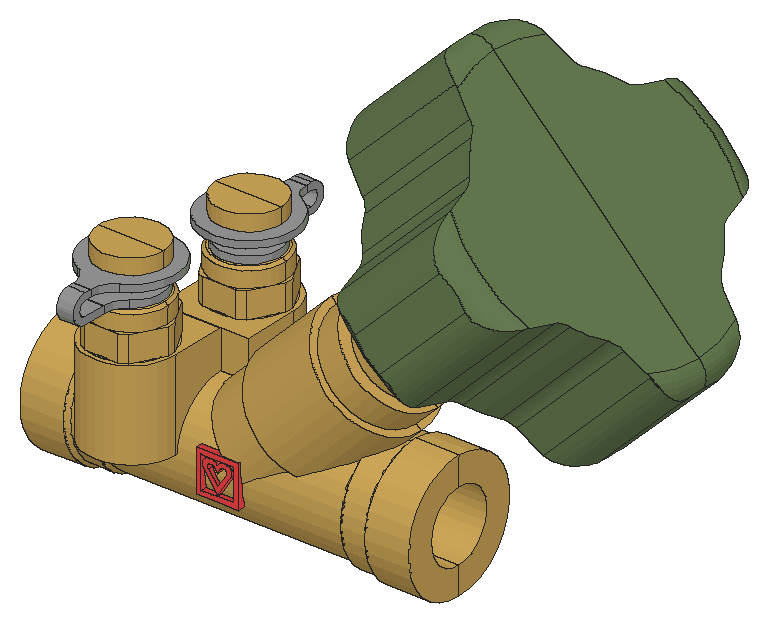
Revit family "HERZ Commissioning Valve With Metering Station For Drinking Water Systems 4017 MW (LF-MF)", category Rohrzubehör, Revit 2021
Family settings
  Bemaßung runder Anschluss = Durchmesser verwenden
  Teiletyp = Unterbricht
  OmniClass-Nummer = 23.65.55.14
  OmniClass-Titel = Valves for Liquid Services
  Arbeitsebenenbasiert = Nein
  Immer vertikal = Ja
  Beim Laden mit Abzugskörper schneiden = Nein
  Gemeinsam genutzt = Nein
Parameters (values of type "LF")
  kvs-value [instance] = if(and(Nennweite = 15.000 mm, LF), 0.46, if(and(Nennweite = 15.000 mm, MF), 0.88, 0))  # 0.46
  kv-value of the orifice [instance] = if(and(Nennweite = 15.000 mm, LF), 0.48, if(and(Nennweite = 15.000 mm, MF), 0.97, 0))  # 0.48
  W01 = 45.00°  # constant formula
  Vorgabe-Ansicht = 0.000 mm
  URL = "www.herzvalves.com"
  SW01 = 60.00°  # constant formula
  SCRNSEQ = "FW;SBT_TYP_FW=\"109\";2"
  SCRNCODE = "04;00;02"  # constant formula
  S03 = 60.000 mm  # constant formula
  S02 [instance] = L04 + L06 + L07  # 76.800 mm
  S01 [instance] = D01 * 2  # 27.000 mm
  R03 = 21.500 mm  # constant formula
  R02 = 9.500 mm  # constant formula
  R01 = 12.000 mm  # constant formula
  O-Rings = "EPDM"  # constant formula
  Note = "Pursuant to Article 33 of the REACH Regulation (EC No. 1907/2006), we are obliged to point out that the material lead is listed on the SVHC list and that all brass components manufactured in our products exceed 0.1% (w / w) lead (CAS: 7439-92-1 / EINECS: 231-100-4).\r\nSince lead is a component part of an alloy, actual exposure is not possible and therefore no additional information on safe use is necessary."
  Model = "According to standard BS 7350 PN20 Series B\r\nAngle seat regulating valve made of copper alloy.\r\nAll metal parts in contact with water are made of dezincification-resistant copper alloy.\r\nThe upper parts are equipped with non-rising stem."
  Medium = "Water"  # constant formula
  MF = no
  LF = yes
  L10 [instance] = 28.500 mm  # constant formula
  L09 [instance] = 22.500 mm  # constant formula
  L08 [instance] = 12.700 mm  # constant formula
  L07 [instance] = 35.100 mm  # constant formula
  L06 [instance] = 6.500 mm  # constant formula
  L05 [instance] = 20.200 mm  # constant formula
  L04 [instance] = 35.200 mm  # constant formula
  L03 [instance] = 1.000 mm  # constant formula
  Hand wheel = "plastic, green"  # constant formula
  H03 [instance] = H01 - 19.000 mm  # 1.000 mm
  H02 = 13.000 mm  # constant formula
  E01 [instance] = L00 / -2  # -41.500 mm
  E00 = 0.000 mm  # constant formula
  D09 [instance] = 11.750 mm  # constant formula
  D08 [instance] = 9.500 mm  # constant formula
  D07 [instance] = 12.000 mm  # constant formula
  D06 [instance] = 13.500 mm  # constant formula
  D05 [instance] = 12.500 mm  # constant formula
  D04 [instance] = Nennweite / 2  # 7.500 mm
  IG [instance] = Nennweite / 2  # 7.500 mm
  D03 [instance] = 11.900 mm  # constant formula
  D02 [instance] = 12.700 mm  # constant formula
  D01 [instance] = 13.500 mm  # constant formula
  Nennweite [instance] = 15.000 mm  # constant formula
  Max. differential pressure on closed seat = 1000000.0 Pa  # constant formula
  Max. operating temperature at 10 bar = 85 °C  # constant formula
  Max. operating pressure at 20°C = 2000000.0 Pa  # constant formula
  L02 [instance] = 5.000 mm  # constant formula
  L01 [instance] = 9.250 mm  # constant formula
  L00 [instance] = 83.000 mm  # constant formula
  Hersteller = "HERZ Armaturen Ges.m.b.H."  # constant formula
  H01 [instance] = 20.000 mm  # constant formula
  GT [instance] = 13.200 mm  # constant formula
  DN15 [instance] = Nennweite = 15.000 mm  # yes
  Body = "DZR brass"  # constant formula
  Bestellnummer [instance] = if(and(Nennweite = 15.000 mm, LF), 2401700, if(and(Nennweite = 15.000 mm, MF), 2401709, 0))  # 2401700
  Application = "For shutting off and regulating drinking water systems in buildings or for hydraulic balancing of supply lines."
Types (3, lengths in mm): name | kvs-value | kv-value of the orifice | MF | LF | Bestellnummer
  (no name) | 0.46 | 0.48 | no | yes | 2401700
  LF | 0.46 | 0.48 | no | yes | 2401700
  MF | 0.88 | 0.97 | yes | no | 2401709
Reference planes
  plane 1 "Mitte (Vorne/hinten)": y = 0
  plane 2: z = 0
  plane 3 "Mitte (Links/rechts)": x = 0
Forms (mm)
  Revolve 1, solid, material "Messing, weicher Gelbton, geschweißt", detail levels fine
    sketch origin (470, 0, 0) x (1, 0, 0) y (0, 0, 1)
      loop
        line (-511.5, 7.5) -> (-498.3, 7.5) -> (-498.3, 0) -> (-441.7, 0) -> (-441.7, 7.5) -> (-428.5, 7.5) -> (-428.5, 13.5) -> (-437.75, 13.5) -> (-438.55, 12.7) -> (-443.55, 12.7) -> (-444.35, 11.9) -> (-495.65, 11.9) -> (-496.45, 12.7) -> (-501.45, 12.7) -> (-502.25, 13.5) -> (-511.5, 13.5) -> (-511.5, 7.5)
      axis (-511.5, 0) -> (-428.5, 0)
    angle from 0 to 360
  Revolve 2, solid, material "Messing, weicher Gelbton, geschweißt", detail levels fine
    sketch origin (0.32, 0, -0.105) x (1, 0, 0) y (0, 0, 1)
      loop
        line (-1.32, 0.105) -> (52.986, 54.411) -> (44.677, 62.719) -> (35.697, 53.739) -> (37.288, 52.148) -> (21.449, 36.309) -> (19.681, 38.076) -> (15.085, 33.48) -> (14.024, 34.541) -> (-0.259, 20.257) -> (0.448, 19.55) -> (-7.098, 12.005) -> (-6.623, 5.408) -> (-1.32, 0.105)
      axis (-1.32, 0.105) -> (52.986, 54.411)
    angle from 0 to 360
  Extrusion 3, solid, material "Messing, weicher Gelbton, geschweißt", detail levels fine
    sketch origin (0, 0, 0) x (1, 0, 0) y (0, 1, 0)
      loop
        arc (-28.5, -12) -> (-19, -21.5) -> (-9.5, -12) r 9.5
        line (-9.5, -12) -> (-9.5, 0) -> (-28.5, 0) -> (-28.5, -12)
    from 1 <- "H03" to 20 <- "H01"
  Extrusion 4, solid, material "Messing, weicher Gelbton, geschweißt", detail levels fine
    sketch origin (0, 0, 0) x (1, 0, 0) y (0, 1, 0)
      loop
        line (-22.5, 12) -> (-22.5, 0) -> (-3.5, 0) -> (-3.5, 12)
        arc (-3.5, 12) -> (-13, 21.5) -> (-22.5, 12) r 9.5
    from 0 to 20 <- "H01"
Lines and regions (mm)
  model lines, detail levels coarse+medium
    curve 1: line (-41.5, 0, 13.5) -> (-41.5, 0, -13.5)
    curve 2: line (-41.5, 0, -13.5) -> (41.5, 0, 13.5)
    curve 3: line (41.5, 0, 13.5) -> (41.5, 0, -13.5)
    curve 4: line (41.5, 0, -13.5) -> (-41.5, 0, 13.5)
    curve 5: line (0, 0, 0) -> (38.4, 0, 66.511)
    curve 6: line (12.419, 0, 81.511) -> (64.381, 0, 51.511)
    curve 7: line (-41.5, -13.5, 0) -> (-41.5, 13.5, 0)
    curve 8: line (-41.5, 13.5, 0) -> (41.5, -13.5, 0)
    curve 9: line (41.5, -13.5, 0) -> (41.5, 13.5, 0)
    curve 10: line (41.5, 13.5, 0) -> (-41.5, -13.5, 0)
    curve 11: line (0, 0, 0) -> (38.4, 66.511, 0)
    curve 12: line (12.419, 81.511, 0) -> (64.381, 51.511, 0)
Dimensions and locks
  "L00": Revolve 1 sketch curve to Revolve 1 sketch curve
  equal spacing: Revolve 1 sketch curve, plane 3 "Mitte (Links/rechts)", Revolve 1 sketch curve
  "D01": Revolve 1 sketch curve to Revolve 1 sketch curve  (x2)
  "GT": Revolve 1 sketch curve to Revolve 1 sketch curve  (x2)
  "D06": Revolve 2 sketch curve to Revolve 2 sketch curve
  "D07": Revolve 2 sketch curve to Revolve 2 sketch curve
  "D08": Revolve 2 sketch curve to Revolve 2 sketch curve
  "D09": Revolve 2 sketch curve to Revolve 2 sketch curve
  equal spacing: curve 1, plane 3 "Mitte (Links/rechts)", curve 3
  "L00": curve 1 to curve 3
  equal spacing: curve 4, plane 2, curve 2
  "S01": curve 4 to curve 1
  "S01": curve 3 to curve 4
  equal spacing: curve 3, plane 2, curve 4
  "S02": curve 5 to curve 5
  equal spacing: curve 6, curve 5, curve 6
  "S03": curve 6 to curve 6
  equal spacing: curve 7, plane 3 "Mitte (Links/rechts)", curve 9
  "L00": curve 7 to curve 9
  equal spacing: curve 10, plane 1 "Mitte (Vorne/hinten)", curve 8
  "S01": curve 8 to curve 10
  equal spacing: curve 9, plane 1 "Mitte (Vorne/hinten)", curve 10
  "S01": curve 10 to curve 9
  "S02": curve 11 to curve 11
  equal spacing: curve 12, curve 11, curve 12
  "S03": curve 12 to curve 12
  "L01": Revolve 1 sketch curve to Revolve 1 sketch curve  (x2)
  "D02": Revolve 1 sketch curve to plane 2  (x2)
  "D03": Revolve 1 sketch curve to plane 2
  "IG": Revolve 1 sketch curve to plane 2  (x2)
  "L02": Revolve 1 sketch curve to Revolve 1 sketch curve  (x2)
  "L04": Revolve 2 sketch curve to Revolve 2 sketch curve
  "L05": Revolve 2 sketch curve to Revolve 2 sketch curve
  "D03": Revolve 2 sketch curve to plane 2
  "L06": Revolve 2 sketch curve to Revolve 2 sketch curve
  "L08": Revolve 2 sketch curve to Revolve 2 sketch curve
  "L07": Revolve 2 sketch curve to Revolve 2 sketch curve
  "D04": Revolve 2 sketch curve to Revolve 2 sketch curve
  "D05": Revolve 2 sketch curve to Revolve 2 sketch curve
  "L03": plane 3 "Mitte (Links/rechts)" to Revolve 2 sketch curve  (x2)
  "D03": nested 1 to plane 1 "Mitte (Vorne/hinten)"
  "L09": Revolve 1 to Extrusion 3 sketch curve
  "R01": Extrusion 3 sketch curve to plane 1 "Mitte (Vorne/hinten)"
  "R01": plane 1 "Mitte (Vorne/hinten)" to Extrusion 4 sketch curve
  "L10": Revolve 1 to Extrusion 4 sketch curve
  "H01": nested 3 to plane 2
  "H01": nested 2 to plane 2
  "R01": nested 3 to plane 1 "Mitte (Vorne/hinten)"
  "R01": plane 1 "Mitte (Vorne/hinten)" to nested 2
  "L10": Revolve 1 to nested 2
  "L09": Revolve 1 to nested 3
  "R02": radius of Extrusion 3 sketch curve
  "R02": radius of Extrusion 4 sketch curve
  "W01": angle level to Revolve 2 sketch curve
  "SW01": angle plane 2 to curve 5
  "SW01": angle plane 1 "Mitte (Vorne/hinten)" to curve 11
  "W01": angle Revolve 1 sketch curve to Revolve 1 sketch curve  (x4)
  "W01": angle plane 2 to Revolve 2 sketch curve
  aligned and locked: level to plane 2
Automatic sketch dimensions
  curve 5 to level = 0.000 mm
  plane 1 "Mitte (Vorne/hinten)" to curve 11 = 0.000 mm
  Revolve 1 sketch curve to level = 0.000 mm  (x2)
  Revolve 1 sketch curve to Revolve 1 sketch curve = 791.990 mm
  Revolve 1 sketch curve to Revolve 1 sketch curve = 2278.983 mm
  Revolve 2 sketch curve to level = 0.000 mm  (x2)
  plane 1 "Mitte (Vorne/hinten)" to Extrusion 3 sketch curve = 0.000 mm
  plane 1 "Mitte (Vorne/hinten)" to Extrusion 4 sketch curve = 0.000 mm
Nested families
  nested 1: "Herz-Logo-vorne" at (0, -11.9, 0) x (0, 1, 0) z (0, 0, 1), type "Herz-Logo-vorne", detail levels fine
  nested 2: "Messstutzen_Band_Austritt_senkrecht_(oben)" at (-13, 12, 2.5), type "Messstutzen_Band_Austritt_senkrecht_(oben)"
    with Schutzkappe yes, Nennweite 0.000 mm, Gewicht 0.00 kg, Bestellnummer 0
  nested 3: "Messstutzen_Band_Eintritt_senkrecht_(oben)" at (-19, -12, 2.5) x (-1, 0, 0) z (0, 0, 1), type "Messstutzen_Band_Eintritt_senkrecht_(oben)"
    with Schutzkappe yes, Nennweite 0.000 mm, Gewicht 0.00 kg, Bestellnummer 0
  nested 4: "Strangregulierventil-Handrad (Grün) DN15-DN32" at (53.306, 0, 54.306), visible <- "DN15", type "Strangregulierventil-Handrad (Grün) DN15-DN32"
    with Nennweite 0.000 mm, Gewicht 0.00 kg, Bestellnummer 0
Connectors
  piping at (-28.3, 0, 0), diameter 15, driven by "Nennweite"
    settings: on Revolve 1, index 1, connector inside diameter 609.6 mm, connector length 0.000 mm, flow factor 0, pipe flow 0.0 L/s, pressure drop 0.0 Pa, fitting loss kfactor 0, connector angle 0.00°, fixture units 0, engagement length 0.000 mm, angle of deflection 0.00°, flow configuration 0, flow direction 1, fitting loss method 0, system type 29, joint type 0, gender type 0, connector reference index -1, connector utility 0, adjustable connector no, is connector primary yes, connector description ""
  piping at (28.3, 0, 0), diameter 15, driven by "Nennweite"
    settings: on Revolve 1, index 2, connector inside diameter 609.6 mm, connector length 0.000 mm, flow factor 0, pipe flow 0.0 L/s, pressure drop 0.0 Pa, fitting loss kfactor 0, connector angle 0.00°, fixture units 0, engagement length 0.000 mm, angle of deflection 0.00°, flow configuration 0, flow direction 2, fitting loss method 0, system type 29, joint type 0, gender type 0, connector reference index -1, connector utility 0, adjustable connector no, is connector primary no, connector description ""
Definition of nested family "Herz-Logo-vorne"
  Parameters (values of type "Herz-Logo-vorne")
    Default Elevation = 0.000 mm
  Reference planes
    plane 1 "Mitte (Vorne/hinten)": y = 0
    plane 2: z = 0
    plane 3 "Mitte (Links/rechts)": x = 0
  Forms (mm)
    Extrusion 1, solid
      sketch origin (0.732, -0.018, 0.017) x (0, -1, 0) y (0, 0, 1)
        loop
          line (-0.018, -4.517) -> (4.482, -4.517) -> (4.482, 4.483) -> (-4.518, 4.483) -> (-4.518, -4.517) -> (-0.018, -4.517)
        loop
          line (-0.05, -3.48) -> (3.482, -3.48) -> (3.482, 3.483) -> (-3.518, 3.483) -> (-3.518, -3.48) -> (-0.05, -3.48)
        loop
          arc (-0.018, 2.383) -> (-1.543, 3.287) -> (-3.067, 2.383) r 1.738
          arc (-3.067, 2.383) -> (-3.191, 1.899) -> (-3.067, 1.415) r 1.009
          line (-3.067, 1.415) -> (-0.018, -3.281) -> (3.032, 1.415)
          arc (3.032, 1.415) -> (3.156, 1.899) -> (3.032, 2.383) r 1.009
          arc (3.032, 2.383) -> (1.507, 3.287) -> (-0.018, 2.383) r 1.738
        loop
          arc (1.885, 1.272) -> (2.005, 1.675) -> (1.885, 2.079) r 0.74
          arc (1.885, 2.079) -> (1.265, 2.416) -> (0.644, 2.079) r 0.74
          line (0.644, 2.079) -> (-0.018, 0.97) -> (-0.679, 2.079)
          arc (-0.679, 2.079) -> (-1.3, 2.416) -> (-1.921, 2.079) r 0.74
          arc (-1.921, 2.079) -> (-2.04, 1.675) -> (-1.921, 1.272) r 0.74
          line (-1.921, 1.272) -> (-0.018, -1.658) -> (1.885, 1.272)
      from 0 to 1.5
  Dimensions and locks
    aligned and locked: level to plane 2
Definition of nested family "Messstutzen_Band_Austritt_senkrecht_(oben)"
  Parameters (values of type "Messstutzen_Band_Austritt_senkrecht_(oben)")
    Default Elevation = 0.000 mm
    URL = "www.herz-armaturen.at"
    Schutzkappe [instance] = yes
    Nennweite [instance] = 0.000 mm
    Manufacturer = "Herz Armaturen GmbH"  # constant formula
    Gewicht [instance] = 0.00 kg
    Bestellnummer [instance] = 0
  Reference planes
    plane 1 "Mitte (Vorne/hinten)": y = 0
    plane 2: z = 0
    plane 3 "Mitte (Links/rechts)": x = 0
    plane 4 "Schlaufe 1": z = -27
    plane 5 "Schlaufe 2": z = -31.678
  Forms (mm)
    Revolve 1, solid, detail levels fine
      sketch origin (0, 0, 0) x (1, 0, 0) y (0, 0, 1)
        loop
          line (-7.4, 9) -> (-5.55, 9) -> (-5.55, 6)
          arc (-5.55, 6) -> (-5.626, 5.617) -> (-5.843, 5.293) r 1
          line (-5.843, 5.293) -> (-6.455, 4.681) -> (-6.455, 0.9) -> (-5.555, 0) -> (-2, 0) -> (-2, 17.5) -> (-8.4, 17.5)
          arc (-8.4, 17.5) -> (-7.693, 17.207) -> (-7.4, 16.5) r 1
          line (-7.4, 16.5) -> (-7.4, 9)
        loop
          line (-3.7, 27) -> (-7.3, 27) -> (-7.9, 26.4) -> (-7.9, 23) -> (-2, 23) -> (-2, 35.8) -> (-3.805, 35.8) -> (-4.415, 35.19) -> (-4.415, 30.863) -> (-3.7, 30.45) -> (-3.7, 27)
        axis (0, 0) -> (0, 35.8)
      angle from 0 to 360
    Extrusion 2, solid, detail levels fine
      sketch origin (0, 0, 17.5) x (0, 1, 0) y (-1, 0, 0)
        loop
          arc (-7.07, 5.156) -> (-7.578, 4.375) -> (-8, 3.544) r 8.75
          line (-8, 3.544) -> (-8, -3.544)
          arc (-8, -3.544) -> (-7.578, -4.375) -> (-7.07, -5.156) r 8.75
          line (-7.07, -5.156) -> (-0.93, -8.7)
          arc (-0.93, -8.7) -> (0, -8.75) -> (0.93, -8.7) r 8.75
          line (0.93, -8.7) -> (7.07, -5.156)
          arc (7.07, -5.156) -> (7.578, -4.375) -> (8, -3.544) r 8.75
          line (8, -3.544) -> (8, 3.544)
          arc (8, 3.544) -> (7.578, 4.375) -> (7.07, 5.156) r 8.75
          line (7.07, 5.156) -> (0.93, 8.7)
          arc (0.93, 8.7) -> (0, 8.75) -> (-0.93, 8.7) r 8.75
          line (-0.93, 8.7) -> (-7.07, 5.156)
      from 0 to 5.5
    Revolve 3, solid, visible <- "Schutzkappe", detail levels fine
      sketch origin (0, 0, 0) x (1, 0, 0) y (0, 0, 1)
        loop
          line (0, 35.878) -> (0, 36.678) -> (-7, 36.678) -> (-7, 33.378) -> (-6.1, 33.378) -> (-6.1, 31.678) -> (-6.9, 31.678) -> (-6.9, 30.178) -> (-4.415, 30.178) -> (-4.415, 35.268) -> (-3.805, 35.878) -> (0, 35.878)
        axis (0, 30.178) -> (0, 36.678)
      angle from 0 to 360
    Extrusion 4, solid, detail levels fine
      sketch origin (0, 0, 28.5) x (1, 0, 0) y (0, 1, 0)
        loop
          circle (0, 0) r 3.7
        loop
          arc (-3.906, 5.505) -> (0, -6.75) -> (3.906, 5.505) r 6.75
          arc (3.906, 5.505) -> (2.358, 7.288) -> (1.8, 9.582) r 5
          line (1.8, 9.582) -> (-1.8, 9.582)
          arc (-1.8, 9.582) -> (-2.358, 7.288) -> (-3.906, 5.505) r 5
      from 0 to -1.5
    Extrusion 5, solid, detail levels fine
      sketch origin (0, 0, 33.178) x (1, 0, 0) y (0, 1, 0)
        loop
          circle (0, 0) r 6.1
        loop
          arc (-4.495, 8.652) -> (0, -9.75) -> (4.495, 8.652) r 9.75
          arc (4.495, 8.652) -> (2.527, 10.493) -> (1.8, 13.089) r 5
          line (1.8, 13.089) -> (-1.8, 13.089)
          arc (-1.8, 13.089) -> (-2.527, 10.493) -> (-4.495, 8.652) r 5
      from 0 to -1.5
    Sweep 6, solid, detail levels fine
      path origin (0, 0, 0) x (0, 0, -1) y (0, -1, 0)
        loop
          line (-27.75, -9.582) -> (-27.75, -14.522)
          arc (-27.75, -14.522) -> (-30.089, -16.862) -> (-32.428, -14.522) r 2.339
          line (-32.428, -14.522) -> (-32.428, -13.089)
      profile origin (0, 12.052, 27.75) x (0, 0, 1) y (1, 0, 0)
        loop
          line (-0.75, -1.8) -> (0.75, -1.8) -> (0.75, 1.8) -> (-0.75, 1.8) -> (-0.75, -1.8)
  Dimensions and locks
    aligned and locked: level to plane 2
Definition of nested family "Messstutzen_Band_Eintritt_senkrecht_(oben)"
  Parameters (values of type "Messstutzen_Band_Eintritt_senkrecht_(oben)")
    Default Elevation = 0.000 mm
    URL = "www.herz-armaturen.at"
    Schutzkappe [instance] = yes
    Nennweite [instance] = 0.000 mm
    Manufacturer = "Herz Armaturen GmbH"  # constant formula
    Gewicht [instance] = 0.00 kg
    Bestellnummer [instance] = 0
  Reference planes
    plane 1 "Mitte (Vorne/hinten)": y = 0
    plane 2: z = 0
    plane 3 "Mitte (Links/rechts)": x = 0
    plane 4 "Schlaufe 1": z = -27
    plane 5 "Schlaufe 2": z = -31.678
  Forms (mm)
    Revolve 1, solid, detail levels fine
      sketch origin (0, 0, 0) x (1, 0, 0) y (0, 0, 1)
        loop
          line (-7.4, 9) -> (-5.55, 9) -> (-5.55, 6)
          arc (-5.55, 6) -> (-5.626, 5.617) -> (-5.843, 5.293) r 1
          line (-5.843, 5.293) -> (-6.455, 4.681) -> (-6.455, 0.9) -> (-5.555, 0) -> (-2, 0) -> (-2, 17.5) -> (-8.4, 17.5)
          arc (-8.4, 17.5) -> (-7.693, 17.207) -> (-7.4, 16.5) r 1
          line (-7.4, 16.5) -> (-7.4, 9)
        loop
          line (-3.7, 27) -> (-7.3, 27) -> (-7.9, 26.4) -> (-7.9, 23) -> (-2, 23) -> (-2, 35.8) -> (-3.805, 35.8) -> (-4.415, 35.19) -> (-4.415, 30.863) -> (-3.7, 30.45) -> (-3.7, 27)
        axis (0, 0) -> (0, 35.8)
      angle from 0 to 360
    Extrusion 2, solid, detail levels fine
      sketch origin (0, 0, 17.5) x (0, 1, 0) y (-1, 0, 0)
        loop
          arc (-7.07, 5.156) -> (-7.578, 4.375) -> (-8, 3.544) r 8.75
          line (-8, 3.544) -> (-8, -3.544)
          arc (-8, -3.544) -> (-7.578, -4.375) -> (-7.07, -5.156) r 8.75
          line (-7.07, -5.156) -> (-0.93, -8.7)
          arc (-0.93, -8.7) -> (0, -8.75) -> (0.93, -8.7) r 8.75
          line (0.93, -8.7) -> (7.07, -5.156)
          arc (7.07, -5.156) -> (7.578, -4.375) -> (8, -3.544) r 8.75
          line (8, -3.544) -> (8, 3.544)
          arc (8, 3.544) -> (7.578, 4.375) -> (7.07, 5.156) r 8.75
          line (7.07, 5.156) -> (0.93, 8.7)
          arc (0.93, 8.7) -> (0, 8.75) -> (-0.93, 8.7) r 8.75
          line (-0.93, 8.7) -> (-7.07, 5.156)
      from 0 to 5.5
    Revolve 3, solid, visible <- "Schutzkappe", detail levels fine
      sketch origin (0, 0, 0) x (1, 0, 0) y (0, 0, 1)
        loop
          line (0, 35.878) -> (0, 36.678) -> (-7, 36.678) -> (-7, 33.378) -> (-6.1, 33.378) -> (-6.1, 31.678) -> (-6.9, 31.678) -> (-6.9, 30.178) -> (-4.415, 30.178) -> (-4.415, 35.268) -> (-3.805, 35.878) -> (0, 35.878)
        axis (0, 30.178) -> (0, 36.678)
      angle from 0 to 360
    Extrusion 4, solid, detail levels fine
      sketch origin (0, 0, 28.5) x (1, 0, 0) y (0, 1, 0)
        loop
          circle (0, 0) r 3.7
        loop
          arc (-3.906, 5.505) -> (0, -6.75) -> (3.906, 5.505) r 6.75
          arc (3.906, 5.505) -> (2.358, 7.288) -> (1.8, 9.582) r 5
          line (1.8, 9.582) -> (-1.8, 9.582)
          arc (-1.8, 9.582) -> (-2.358, 7.288) -> (-3.906, 5.505) r 5
      from 0 to -1.5
    Extrusion 5, solid, detail levels fine
      sketch origin (0, 0, 33.178) x (1, 0, 0) y (0, 1, 0)
        loop
          circle (0, 0) r 6.1
        loop
          arc (-4.495, 8.652) -> (0, -9.75) -> (4.495, 8.652) r 9.75
          arc (4.495, 8.652) -> (2.527, 10.493) -> (1.8, 13.089) r 5
          line (1.8, 13.089) -> (-1.8, 13.089)
          arc (-1.8, 13.089) -> (-2.527, 10.493) -> (-4.495, 8.652) r 5
      from 0 to -1.5
    Sweep 6, solid, detail levels fine
      path origin (0, 0, 0) x (0, 0, -1) y (0, -1, 0)
        loop
          line (-27.75, -9.582) -> (-27.75, -14.522)
          arc (-27.75, -14.522) -> (-30.089, -16.862) -> (-32.428, -14.522) r 2.339
          line (-32.428, -14.522) -> (-32.428, -13.089)
      profile origin (0, 12.052, 27.75) x (0, 0, 1) y (1, 0, 0)
        loop
          line (-0.75, -1.8) -> (0.75, -1.8) -> (0.75, 1.8) -> (-0.75, 1.8) -> (-0.75, -1.8)
  Dimensions and locks
    aligned and locked: level to plane 2
Definition of nested family "Strangregulierventil-Handrad (Grün) DN15-DN32"
  Parameters (values of type "Strangregulierventil-Handrad (Grün) DN15-DN32")
    Default Elevation = 0.000 mm
    URL = "www.herz-armaturen.at"
    Nennweite [instance] = 0.000 mm
    Manufacturer = "Herz Armaturen GmbH"  # constant formula
    Gewicht [instance] = 0.00 kg
    Bestellnummer [instance] = 0
  Reference planes
    plane 1 "Mitte (Vorne/hinten)": y = 0
    plane 2: z = 0
    plane 3 "Mitte (Links/rechts)": x = 0
  Forms (mm)
    Revolve 1, solid, detail levels fine
      sketch origin (0, 0, 0) x (0.707107, 0, -0.707107) y (0.707107, 0, 0.707107)
        loop
          line (0, 0) -> (0, 24.95) -> (-30.992, 24.95)
          arc (-30.992, 24.95) -> (-34.37, 23.636) -> (-35.973, 20.386) r 5
          line (-35.973, 20.386) -> (-37, 8.65) -> (-35.986, -2.936)
          arc (-35.986, -2.936) -> (-34.383, -6.186) -> (-31.005, -7.5) r 5
          line (-31.005, -7.5) -> (-15, -7.5) -> (-15, 0) -> (0, 0)
        axis (0, 24.95) -> (0, -7.5)
      angle from 0 to 360
    Extrusion 2, void
      sketch origin (14.354, 0, 14.354) x (0.707107, 0, -0.707107) y (0, 1, 0)
        loop
          line (3.861, 35.5) -> (-3.861, 35.5)
          arc (-3.861, 35.5) -> (-8.731, 33.847) -> (-11.589, 29.571) r 8
          line (-11.589, 29.571) -> (-13.284, 23.245)
          arc (-13.284, 23.245) -> (-13.982, 21.722) -> (-15.144, 20.516) r 5
          arc (-15.144, 20.516) -> (-18.031, 18.031) -> (-20.516, 15.144) r 25.5
          arc (-20.516, 15.144) -> (-21.722, 13.982) -> (-23.245, 13.284) r 5
          line (-23.245, 13.284) -> (-29.571, 11.589)
          arc (-29.571, 11.589) -> (-33.847, 8.731) -> (-35.5, 3.861) r 8
          line (-35.5, 3.861) -> (-35.5, -3.861)
          arc (-35.5, -3.861) -> (-33.847, -8.731) -> (-29.571, -11.589) r 8
          line (-29.571, -11.589) -> (-23.245, -13.284)
          arc (-23.245, -13.284) -> (-21.722, -13.982) -> (-20.516, -15.144) r 5
          arc (-20.516, -15.144) -> (-18.031, -18.031) -> (-15.144, -20.516) r 25.5
          arc (-15.144, -20.516) -> (-13.982, -21.722) -> (-13.284, -23.245) r 5
          line (-13.284, -23.245) -> (-11.589, -29.571)
          arc (-11.589, -29.571) -> (-8.731, -33.847) -> (-3.861, -35.5) r 8
          line (-3.861, -35.5) -> (3.861, -35.5)
          arc (3.861, -35.5) -> (8.731, -33.847) -> (11.589, -29.571) r 8
          line (11.589, -29.571) -> (13.284, -23.245)
          arc (13.284, -23.245) -> (13.982, -21.722) -> (15.144, -20.516) r 5
          arc (15.144, -20.516) -> (18.031, -18.031) -> (20.516, -15.144) r 25.5
          arc (20.516, -15.144) -> (21.722, -13.982) -> (23.245, -13.284) r 5
          line (23.245, -13.284) -> (29.571, -11.589)
          arc (29.571, -11.589) -> (33.847, -8.731) -> (35.5, -3.861) r 8
          line (35.5, -3.861) -> (35.5, 3.861)
          arc (35.5, 3.861) -> (33.847, 8.731) -> (29.571, 11.589) r 8
          line (29.571, 11.589) -> (23.245, 13.284)
          arc (23.245, 13.284) -> (21.722, 13.982) -> (20.516, 15.144) r 5
          arc (20.516, 15.144) -> (18.031, 18.031) -> (15.144, 20.516) r 25.5
          arc (15.144, 20.516) -> (13.982, 21.722) -> (13.284, 23.245) r 5
          line (13.284, 23.245) -> (11.589, 29.571)
          arc (11.589, 29.571) -> (8.731, 33.847) -> (3.861, 35.5) r 8
        loop
          circle (0, 0) r 38
      from -31.266 to 7.923
  Cuts and joins
    Extrusion 2 cuts Revolve 1
  Dimensions and locks
    Revolve 1 sketch curve to Revolve 1 sketch curve = 15.000 mm
    Revolve 1 sketch curve to Revolve 1 sketch curve = 16.150 mm
    Revolve 1 sketch curve to Revolve 1 sketch curve = 16.300 mm
    angle Revolve 1 sketch curve to Revolve 1 sketch curve = 95.00°
    aligned and locked: level to plane 2
